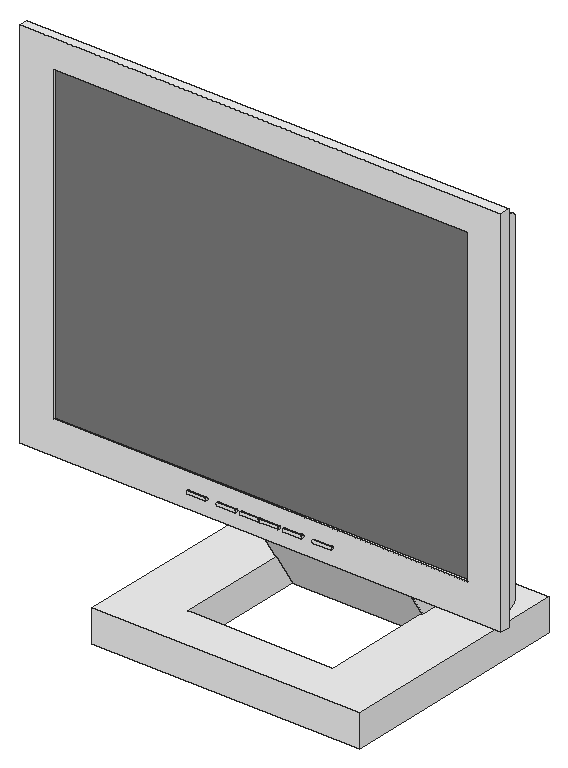
Revit family
Parameters (values of type "W430*D220*H445")
  Manufacturer = ""
  Model = ""
  모니터 재료 = 흰색, 광택
  Emit Shape Visible in Rendering = no
  화면표시 평면 재료 = 스테인레스 스틸, 광택(2) - (1)
Reference planes
  plane 1 "광원 축(F/B)": y = 0
  plane 2: z = 0
  plane 3 "광원 축(L/R)": x = 0
  plane 4 "조명원 높이값": z = 1500
Forms (mm)
  Extrusion 1, solid, material "흰색, 광택" <- "모니터 재료"
    sketch origin (0, 0, 0) x (1, 0, 0) y (0, 0, 1)
      loop
        line (215, 445) -> (-215, 445) -> (-215, 110) -> (215, 110) -> (215, 445)
      loop
        line (185, 420) -> (-185, 420) -> (-185, 140) -> (185, 140) -> (185, 420)
    from 55 to 63
  Extrusion 2, solid, material "흰색, 광택" <- "모니터 재료"
    sketch origin (0, 0, 0) x (0, 1, 0) y (0, 0, 1)
      loop
        line (-55, 442.219) -> (-55, 114.231) -> (-43.737, 121.269)
        arc (-43.737, 121.269) -> (-42.415, 122.858) -> (-41.941, 124.871) r 4.51
        line (-41.941, 124.871) -> (-41.941, 431.467)
        arc (-41.941, 431.467) -> (-42.607, 433.995) -> (-44.431, 435.868) r 5.135
        line (-44.431, 435.868) -> (-55, 442.219)
    from -210 to 210
  Extrusion 3, solid, material "흰색, 광택" <- "모니터 재료"
    sketch origin (0, 0, 0) x (0, 1, 0) y (0, 0, 1)
      loop
        line (-41.941, 344.863) -> (-41.941, 135.926) -> (-34.266, 162.431)
        arc (-34.266, 162.431) -> (-33.964, 163.835) -> (-33.863, 165.267) r 10.196
        line (-33.863, 165.267) -> (-33.863, 304.432)
        arc (-33.863, 304.432) -> (-33.925, 305.65) -> (-34.11, 306.856) r 12.014
        line (-34.11, 306.856) -> (-41.941, 344.863)
    from -65 to 65
  Extrusion 4, solid, material "스테인레스 스틸, 광택(2) - (1)" <- "화면표시 평면 재료"
    sketch origin (0, 0, 0) x (1, 0, 0) y (0, 0, 1)
      loop
        line (-185, 420) -> (-185, 140) -> (185, 140) -> (185, 420) -> (-185, 420)
    from 55 to 61
  Extrusion 5, solid, material "흰색, 광택" <- "모니터 재료"
    sketch origin (0, 0, 0) x (0, 1, 0) y (0, 0, 1)
      loop
        line (-33.863, 165.267) -> (-33.964, 163.835) -> (-34.266, 162.431) -> (-41.941, 135.926) -> (-41.941, 128.882) -> (-27.872, 131.363) -> (-23.797, 154.472) -> (-33.863, 165.267)
    from -65 to 65
  Extrusion 6, solid, material "흰색, 광택" <- "모니터 재료"
    sketch origin (0, 0, 0) x (0, 1, 0) y (0, 0, 1)
      loop
        line (-27.872, 131.363) -> (53.621, 0) -> (77.441, 0) -> (-18.252, 154.254)
        arc (-18.252, 154.254) -> (-21.098, 154.602) -> (-23.954, 154.351) r 13.701
        line (-23.954, 154.351) -> (-27.872, 131.363)
    from -65 to 65
  Extrusion 7, solid, material "흰색, 광택" <- "모니터 재료"
    sketch origin (0, 0, 0) x (1, 0, 0) y (0, 1, 0)
      loop
        line (-119.763, 110) -> (-119.763, -101.241) -> (119.112, -101.241) -> (119.112, 110) -> (-119.763, 110)
      loop
        line (-65, 77.441) -> (-65, -63) -> (65, -63) -> (65, 77.441) -> (-65, 77.441)
    from 0 to 28.214
  Extrusion 8, solid, material "흰색, 광택" <- "모니터 재료"
    sketch origin (21.973, 0, 0) x (1, 0, 0) y (0, 0, 1)
      loop
        arc (-58.963, 125.672) -> (-60.273, 124.362) -> (-58.963, 123.052) r 1.31
        line (-58.963, 123.052) -> (-43.963, 123.052)
        arc (-43.963, 123.052) -> (-42.653, 124.362) -> (-43.963, 125.672) r 1.31
        line (-43.963, 125.672) -> (-58.963, 125.672)
    from 63 to 64.514
  Extrusion 9, solid, material "흰색, 광택" <- "모니터 재료"
    sketch origin (42.653, 0, 0) x (1, 0, 0) y (0, 0, 1)
      loop
        arc (-58.963, 125.672) -> (-60.273, 124.362) -> (-58.963, 123.052) r 1.31
        line (-58.963, 123.052) -> (-43.963, 123.052)
        arc (-43.963, 123.052) -> (-42.653, 124.362) -> (-43.963, 125.672) r 1.31
        line (-43.963, 125.672) -> (-58.963, 125.672)
    from 63 to 64.514
  Extrusion 10, solid, material "흰색, 광택" <- "모니터 재료"
    sketch origin (-4.736, 0, 0) x (1, 0, 0) y (0, 0, 1)
      loop
        arc (-58.963, 125.672) -> (-60.273, 124.362) -> (-58.963, 123.052) r 1.31
        line (-58.963, 123.052) -> (-43.963, 123.052)
        arc (-43.963, 123.052) -> (-42.653, 124.362) -> (-43.963, 125.672) r 1.31
        line (-43.963, 125.672) -> (-58.963, 125.672)
    from 63 to 64.514
  Extrusion 11, solid, material "흰색, 광택" <- "모니터 재료"
    sketch origin (-42.653, 0, 0) x (-1, 0, 0) y (0, 0, -1)
      loop
        line (-58.963, -125.672) -> (-43.963, -125.672)
        arc (-43.963, -125.672) -> (-42.653, -124.362) -> (-43.963, -123.052) r 1.31
        line (-43.963, -123.052) -> (-58.963, -123.052)
        arc (-58.963, -123.052) -> (-60.273, -124.362) -> (-58.963, -125.672) r 1.31
    from 63 to 64.514
  Extrusion 12, solid, material "흰색, 광택" <- "모니터 재료"
    sketch origin (-21.973, 0, 0) x (-1, 0, 0) y (0, 0, -1)
      loop
        line (-58.963, -125.672) -> (-43.963, -125.672)
        arc (-43.963, -125.672) -> (-42.653, -124.362) -> (-43.963, -123.052) r 1.31
        line (-43.963, -123.052) -> (-58.963, -123.052)
        arc (-58.963, -123.052) -> (-60.273, -124.362) -> (-58.963, -125.672) r 1.31
    from 63 to 64.514
  Extrusion 13, solid, material "흰색, 광택" <- "모니터 재료"
    sketch origin (4.736, 0, 0) x (-1, 0, 0) y (0, 0, -1)
      loop
        line (-58.963, -125.672) -> (-43.963, -125.672)
        arc (-43.963, -125.672) -> (-42.653, -124.362) -> (-43.963, -123.052) r 1.31
        line (-43.963, -123.052) -> (-58.963, -123.052)
        arc (-58.963, -123.052) -> (-60.273, -124.362) -> (-58.963, -125.672) r 1.31
    from 63 to 64.514
Dimensions and locks
  aligned and locked: Extrusion 1 to Extrusion 4 sketch curve
  aligned and locked: Extrusion 4 sketch curve to Extrusion 1  (x3)
  aligned and locked: Extrusion 6 sketch curve to Extrusion 6 sketch curve
